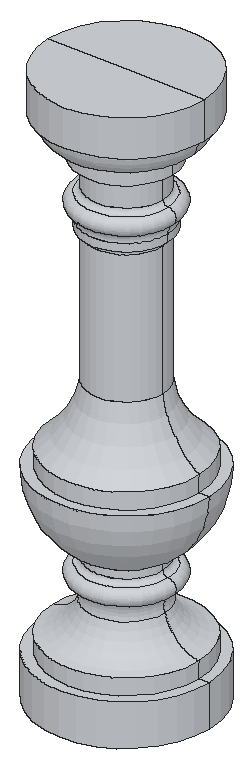
Revit family
Parameters (values of type "Balustrade R27")
  Width = 0' - 7 1/2"
  URL = "www.strombergarchitectural.com"
  Top Material = none
  Submittal Sheet = "www.strombergarchitectural.com/images/materials/gfrc/submittal/gfrc-submittal-sheet.pdf"
  Specifications = "www.strombergarchitectural.com/gfrcspecifications"
  Model Cut-sheet = "http://www.strombergarchitectural.com/products/balustrade/design/R27"
  Model = "Balustrade R27"
  Manufacturer = "Stromberg Architectural Products"
  Guidebook = "www.strombergarchitectural.com/images/materials/gfrc/handbooks/gfrc_guidebook.pdf   \r\n(http://www.strombergarchitectural.com/images/materials/gfrc/handbooks/gfrc_guidebook.pdf"
  Description = "GFRC Baluster"
  Assembly Code = ""
  Height = 2' - 3"
  XXX.5 = no
  XXX.4 = no
  XXX.3 = no
  XXX.2 = no
  XXX.1 = yes
Reference planes (in)
  plane 1 "Center (Front/Back)": y = 3.74847
  plane 2: z = 0
  plane 3 "Center (Left/Right)": x = 0.7278
  plane 4 "Front": y = -3.25153
  plane 5 "Back": y = 10.74847
Forms (in)
  Revolve 1, solid
    sketch origin (0, 3.74847, 0) x (1, 0, 0) y (0, 0, 1)
      loop
        line (0.7278, 27) -> (-3.0222, 27) -> (-3.0222, 25.25) -> (-2.7722, 25.25)
        arc (-2.7722, 25.25) -> (-2.40608, 24.36612) -> (-1.5222, 24) r 1.25
        line (-1.5222, 24) -> (-1.5222, 23.25) -> (-1.2722, 23.25)
        arc (-1.2722, 23.25) -> (-1.09542, 23.17678) -> (-1.0222, 23) r 0.25
        line (-1.0222, 23) -> (-1.0222, 22)
        arc (-1.0222, 22) -> (-1.09542, 21.82322) -> (-1.2722, 21.75) r 0.25
        arc (-1.2722, 21.75) -> (-1.63265, 21.47845) -> (-1.47108, 21.05708) r 0.375
        arc (-1.47108, 21.05708) -> (-1.31869, 20.86541) -> (-1.2722, 20.625) r 0.5143
        line (-1.2722, 20.625) -> (-1.2722, 20.25)
        arc (-1.2722, 20.25) -> (-1.09542, 20.17678) -> (-1.0222, 20) r 0.25
        line (-1.0222, 20) -> (-1.0222, 13.65245)
        arc (-1.0222, 13.65245) -> (-1.61238, 12.0295) -> (-2.7722, 10.75) r 4.48351
        line (-2.7722, 10.75) -> (-2.7722, 10) -> (-3.2722, 10)
        arc (-3.2722, 10) -> (-2.66336, 7.87868) -> (-1.0222, 6.40313) r 4
        line (-1.0222, 6.40313) -> (-1.0222, 6.03998)
        arc (-1.0222, 6.03998) -> (-1.09542, 5.8632) -> (-1.2722, 5.78998) r 0.25
        arc (-1.2722, 5.78998) -> (-1.6472, 5.41498) -> (-1.2722, 5.03998) r 0.375
        arc (-1.2722, 5.03998) -> (-1.09405, 4.65854) -> (-1.10882, 4.23781) r 0.90019
        arc (-1.10882, 4.23781) -> (-1.72259, 3.25027) -> (-2.7722, 2.75) r 2.06798
        line (-2.7722, 2.75) -> (-2.7722, 2) -> (-3.2722, 2) -> (-3.2722, 0) -> (0.7278, 0) -> (0.7278, 27)
      axis (0.7278, 27) -> (0.7278, 0)
    angle from 0 to 360
Dimensions and locks (in)
  aligned and locked: level to plane 2
